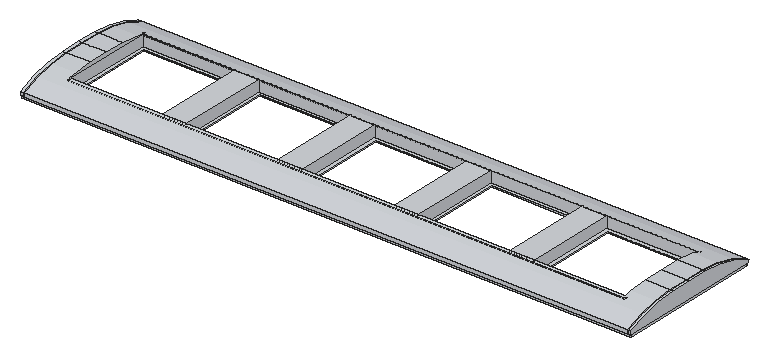
Revit family "Gira_021524", category Electrical Fixtures, host Face, Revit 2017
Family settings
  Host = Face
  Maintain Annotation Orientation = No
  Round Connector Dimension = Use Diameter
  Part Type = Normal
  Cut with Voids When Loaded = No
  Shared = No
  Room Calculation Point = No
Parameters (values of type "Cov.fr. 5-g interm.fr. AN Gira Event Opaque white")
  With mounting grid = "No"
  With hinged lid = "No"
  URL = "http://katalog.gira.de/en/datenblatt.html?artikelnr=021524"
  Type of fastening = "Clamp mounting"
  Transparent = "No"
  Surface protection = "Other"
  Suitable for wall duct = "No"
  Suitable for flush-mounted installation = "Yes"
  Suitable for floor box = "No"
  Suitable for built-in installation = "No"
  Number of units vertical = "5"
  Number of units horizontal = "5"
  Number of units = "5"
  Name = "Cov.fr. 5-g interm.fr. AN Gira Event Opaque white"
  Mounting direction = "Horizontal and vertical"
  Material quality = "Thermoplastic"
  Material = "Plastic"
  Manufacturer URL = "https://www.gira.de/"
  Manufacturer = "Gira"
  Label space/information surface = "No"
  Keynote = ""
  HeinzeBIM = "https://bimportal.heinze.de/bim/cov-fr-5-g-interm-fr-an-gira-event-opaque-white/5dfa280d90a0c978a1a5a10ff028ea2346cbbb01"
  Halogen free = "Yes"
  HAN = "021524"
  GTIN = "4010337215240"
  Description = "Cov.fr.5g i.fr.AN EvOp WH,Gira Event Opaque frames,white with anthracite intermediate frame,5-gang,Features:,- Shatter-proof."
  Degree of protection (IP) = "IP20"
  Default Elevation = 1219.2 mm
  Data sheet (1) = "https://katalog.gira.de/en/download.html?artikelnr=021524"
  Colour = "White"
  Category = "Cover frame for domestic switching devices"
  BIM (1) = "https://media.stage.bim.site/public/gira/36a6b08/Event_Rahmen_5fach.rfa"
  Available = "No"
Reference planes
  plane 1 "Center (Front/Back)": y = 0
  plane 2: z = 0
  plane 3 "Center (Left/Right)": x = 0
Forms (mm)
  Extrusion 1, solid, detail levels fine
    sketch origin (0, 0, 0.05) x (0, 1, 0) y (0, 0, 1)
      loop
        arc (12.445, 9.683) -> (6.223, 9.833) -> (0, 9.85) r 291.636
        arc (0, 9.85) -> (-6.223, 9.833) -> (-12.445, 9.683) r 291.636
        arc (-12.445, 9.683) -> (-29.14, 7.482) -> (-45, 1.823) r 79.728
        line (-45, 1.823) -> (-45, -0.05) -> (-42.086, -0.05)
        arc (-42.086, -0.05) -> (-21.385, 5.559) -> (0, 7.206) r 114.424
        arc (0, 7.206) -> (21.385, 5.559) -> (42.086, -0.05) r 114.424
        line (42.086, -0.05) -> (45, -0.05) -> (45, 1.823)
        arc (45, 1.823) -> (29.14, 7.482) -> (12.445, 9.683) r 79.728
    from -185.578 to 185.593
  Extrusion 2, void, detail levels fine
    sketch origin (0, 0, 0) x (1, 0, 0) y (0, 1, 0)
      loop
        line (170.607, 28) -> (-170.593, 28) -> (-170.593, -28) -> (170.607, -28) -> (170.607, 28)
    from 0.724 to 11
  Extrusion 3, solid, detail levels coarse
    sketch origin (0, 0, 0) x (1, 0, 0) y (0, 1, 0)
      loop
        line (-187.578, 45) -> (-187.578, -45) -> (187.593, -45) -> (187.593, 45) -> (-187.578, 45)
    from -1.5 to 9.9
  Extrusion 4, solid, detail levels medium
    sketch origin (0, 0, 0.05) x (0, 1, 0) y (0, 0, 1)
      loop
        arc (12.445, 9.683) -> (6.223, 9.833) -> (0, 9.85) r 291.636
        arc (0, 9.85) -> (-6.223, 9.833) -> (-12.445, 9.683) r 291.636
        arc (-12.445, 9.683) -> (-29.14, 7.482) -> (-45, 1.823) r 79.728
        line (-45, 1.823) -> (-45, -0.05) -> (45, -0.05) -> (45, 1.823)
        arc (45, 1.823) -> (29.14, 7.482) -> (12.445, 9.683) r 79.728
    from -187.578 to 187.593
  Extrusion 5, solid, detail levels fine
    sketch origin (-142.578, 0, -1.5) x (0, 1, 0) y (0, 0, -1)
      loop
        line (45, -3.373) -> (45, -1.5) -> (-45, -1.5) -> (-45, -3.373)
        arc (-45, -3.373) -> (-29.14, -9.032) -> (-12.445, -11.233) r 79.728
        arc (-12.445, -11.233) -> (-6.223, -11.383) -> (0, -11.4) r 291.636
        arc (0, -11.4) -> (6.223, -11.383) -> (12.445, -11.233) r 291.636
        arc (12.445, -11.233) -> (29.14, -9.032) -> (45, -3.373) r 79.728
    from 43 to 45
  Extrusion 6, solid, detail levels fine
    sketch origin (0, 0, 0) x (1, 0, 0) y (0, 1, 0)
      loop
        line (-168.493, 25.7) -> (-168.493, -25.7) -> (-116.693, -25.7) -> (-116.693, 25.7) -> (-168.493, 25.7)
      loop
        line (-45.398, -25.7) -> (-45.398, 25.7) -> (-97.198, 25.7) -> (-97.198, -25.7) -> (-45.398, -25.7)
      loop
        line (-171.487, 28.49) -> (-171.487, -28.495)
        spline (-171.487, -28.495) -> (-171.479, -28.625) -> (-171.453, -28.754) -> (-171.411, -28.878) -> (-171.353, -28.995) -> (-171.281, -29.104) -> (-171.194, -29.202) -> (-171.096, -29.288) -> (-170.987, -29.361) -> (-170.87, -29.419) -> (-170.746, -29.461) -> (-170.618, -29.486) -> (-170.487, -29.495)
        line (-170.487, -29.495) -> (170.502, -29.495)
        spline (170.502, -29.495) -> (170.633, -29.486) -> (170.761, -29.461) -> (170.885, -29.419) -> (171.002, -29.361) -> (171.111, -29.288) -> (171.209, -29.202) -> (171.296, -29.104) -> (171.368, -28.995) -> (171.426, -28.878) -> (171.468, -28.754) -> (171.494, -28.625) -> (171.502, -28.495)
        line (171.502, -28.495) -> (171.502, 28.49)
        spline (171.502, 28.49) -> (171.494, 28.62) -> (171.468, 28.748) -> (171.426, 28.872) -> (171.368, 28.99) -> (171.296, 29.098) -> (171.209, 29.197) -> (171.111, 29.283) -> (171.002, 29.356) -> (170.885, 29.413) -> (170.761, 29.456) -> (170.633, 29.481) -> (170.502, 29.49)
        line (170.502, 29.49) -> (-170.487, 29.49)
        spline (-170.487, 29.49) -> (-170.618, 29.481) -> (-170.746, 29.456) -> (-170.87, 29.413) -> (-170.987, 29.356) -> (-171.096, 29.283) -> (-171.194, 29.197) -> (-171.281, 29.098) -> (-171.353, 28.99) -> (-171.411, 28.872) -> (-171.453, 28.748) -> (-171.479, 28.62) -> (-171.487, 28.49)
      loop
        line (25.902, -25.7) -> (25.902, 25.7) -> (-25.898, 25.7) -> (-25.898, -25.7) -> (25.902, -25.7)
      loop
        line (97.207, -25.7) -> (97.207, 25.7) -> (45.407, 25.7) -> (45.407, -25.7) -> (97.207, -25.7)
      loop
        line (168.507, -25.7) -> (168.507, 25.7) -> (116.707, 25.7) -> (116.707, -25.7) -> (168.507, -25.7)
    from 0.1 to 7.3
  Extrusion 7, solid
    sketch origin (0, 0, 0) x (1, 0, 0) y (0, 1, 0)
      loop
        arc (-187.293, -44.218) -> (-187.146, -44.572) -> (-186.793, -44.718) r 0.5
        line (-186.793, -44.718) -> (186.807, -44.718)
        arc (186.807, -44.718) -> (187.161, -44.572) -> (187.307, -44.218) r 0.5
        line (187.307, -44.218) -> (187.307, 44.182)
        arc (187.307, 44.182) -> (187.161, 44.535) -> (186.807, 44.682) r 0.5
        line (186.807, 44.682) -> (-186.793, 44.682)
        arc (-186.793, 44.682) -> (-187.146, 44.535) -> (-187.293, 44.182) r 0.5
        line (-187.293, 44.182) -> (-187.293, -44.218)
      loop
        line (-185.593, 42.982) -> (-185.593, -43.018) -> (185.607, -43.018) -> (185.607, 42.982) -> (-185.593, 42.982)
    from -1.5 to 0.5
  Extrusion 8, solid, detail levels fine
    sketch origin (142.593, 0, -1.5) x (0, 1, 0) y (0, 0, 1)
      loop
        arc (45, 3.373) -> (29.14, 9.032) -> (12.445, 11.233) r 79.728
        arc (12.445, 11.233) -> (6.223, 11.383) -> (0, 11.4) r 291.636
        arc (0, 11.4) -> (-6.223, 11.383) -> (-12.445, 11.233) r 291.636
        arc (-12.445, 11.233) -> (-29.14, 9.032) -> (-45, 3.373) r 79.728
        line (-45, 3.373) -> (-45, 1.5) -> (45, 1.5) -> (45, 3.373)
    from 43 to 45
  Extrusion 9, solid, detail levels medium
    sketch origin (0, 0, 0) x (1, 0, 0) y (0, 1, 0)
      loop
        line (-187.293, -44.718) -> (187.307, -44.718) -> (187.307, 44.682) -> (-187.293, 44.682) -> (-187.293, -44.718)
    from -1.5 to 0.5
  Extrusion 10, solid, detail levels fine
    sketch origin (-105.5, 0, 0) x (1, 0, 0) y (0, 1, 0)
      loop
        line (-8.943, 28.063) -> (-8.943, -27.937) -> (6.057, -27.937) -> (6.057, 28.063) -> (-8.943, 28.063)
    from 0.724 to 7.566
  Extrusion 11, solid, detail levels fine
    sketch origin (-37.085, 0, 0) x (-1, 0, 0) y (0, -1, 0)
      loop
        line (-8.943, -28.063) -> (6.057, -28.063) -> (6.057, 27.937) -> (-8.943, 27.937) -> (-8.943, -28.063)
    from 0.724 to 7.566
  Extrusion 12, solid, detail levels fine
    sketch origin (105.5, 0, 0) x (-1, 0, 0) y (0, -1, 0)
      loop
        line (-8.943, -28.063) -> (6.057, -28.063) -> (6.057, 27.937) -> (-8.943, 27.937) -> (-8.943, -28.063)
    from 0.724 to 7.566
  Extrusion 13, solid, detail levels fine
    sketch origin (37.085, 0, 0) x (1, 0, 0) y (0, 1, 0)
      loop
        line (-8.943, 28.063) -> (-8.943, -27.937) -> (6.057, -27.937) -> (6.057, 28.063) -> (-8.943, 28.063)
    from 0.724 to 7.566
Cuts and joins
  Extrusion 2 cuts Extrusion 1
  Extrusion 2 cuts Extrusion 6
Dimensions and locks
  aligned and locked: plane 2 to host face
  aligned and locked: level to host face
